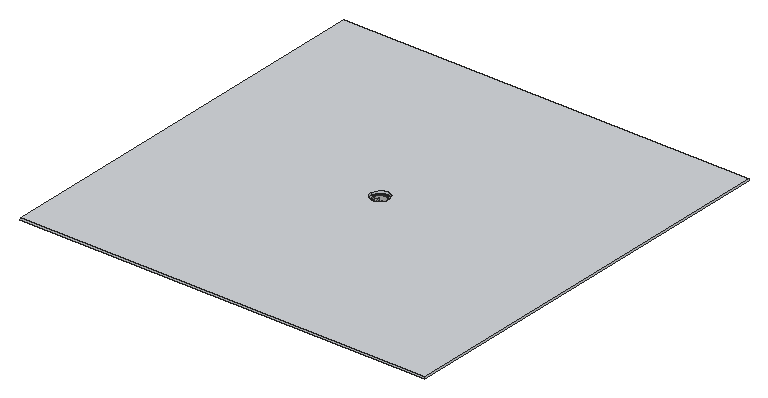
Revit family "F213", category Lighting Fixtures, host Face, Revit 2014
Parameters (values of type "F213_14W_Xicato_1100_lm_3000K")
  Wattage Comments = "14 ,18 & 24"  # constant formula
  Wattage = 14 W
  Warranty = "5Years limited warranty"
  built-in parameter 1150110 = 1 (stored number, unit not read)
  Voltage = 120 V
  URL = "https://www.hubbell.com/kurtversen/en"
  built-in parameter 1114217 = 1 (stored number, unit not read)
  Tilt Angle = -90.00°
  built-in parameter 1150109 = 1 (stored number, unit not read)
  built-in parameter 1150134 = 12
  built-in parameter 1150113 = 1 (stored number, unit not read)
  Product Page URL = "https://www.hubbell.com/kurtversen/en/Products/Lighting-Controls/Commercial-Indoor-Lighting/Recessed-Downlights/3-Round-Xicato-LED-Install-From-Below-Downlights/p/536118"
  Product Documentation Link = "https://hubbellcdn.com/specsheet/kv_f213_15_17_page.pdf"
  Power Factor = 0.9
  Photometric Web Link = "https://www.hubbell.com/kurtversen/en/Products/Lighting-Controls/Commercial-Indoor-Lighting/Recessed-Downlights/3-Round-Xicato-LED-Install-From-Below-Downlights/p/536118#prod-photometry-section"
  Photometric Web File = "F213_14W_Xicato_1100_lm_3000K.ies"
  Photometric Notes = "More IES files download on Photometric Web Link"  # constant formula
  Model = "F213"
  Manufacturer = "Kurtversen"  # constant formula
  built-in parameter 1150105 = 46.235 (stored number, unit not read)
  Lumens = 581 lm
  built-in parameter 1150115 = 1 (stored number, unit not read)
  Load Classification = Lighting
  built-in parameter 1150137 = (empty or 0)
  built-in parameter 1150139 = (empty or 0)
  built-in parameter 1150112 = 1 (stored number, unit not read)
  built-in parameter 1150114 = 1 (stored number, unit not read)
  Lamp = "LED"  # constant formula
  built-in parameter 1150132 = (empty or 0)
  built-in parameter 1150102 = (empty or 0)
  built-in parameter 1150107 = 4000 (stored number, unit not read)
  built-in parameter 1150138 = (empty or 0)
  built-in parameter 1150106 = 0.46235 (stored number, unit not read)
  Glass = Hubbell - White Glass
  Features = "• 3inch architectural LED adjustable accent delivering 600–2000 lm\r\n• Four field interchangeable beam distributions from 15° to 45°\r\n• Translating center beam optic allows 0–35° vertical tilt, 362°\r\nhorizontal rotation\r\n• Select from three lower trim styles: Full Cut Cone, Pinhole or Slot\r\n• Accommodates up to two lens media including hexcell louver\r\nand linear spread options\r\n• Variety of dimming protocol options including 0-10V, DALI, DMX,\r\nLutron Forward Phase and EcoSystem\r\n• NX Distributed Intelligence™ wired and wireless controls\r\ncapability available"  # constant formula
  Emit from Circle Diameter = 3.00"  # constant formula
  Emit Shape Visible in Rendering = no
  built-in parameter 1150104 = 3.8555 (stored number, unit not read)
  Dimming Lamp Color Temperature Shift = <None>
  Description = "Wide, Medium, Narrow Distribution Downlights. This round downlight with lens provides the aesthetic appeal of a small aperture while maintaining deep shielding and glare control. The beam distribution ranges from 28° to 50°. Use for general downlighting applications where installation from below is required."  # constant formula
  Default Elevation = 48.00"
  Contact us = "https://www.hubbell.com/kurtversen/en/contactUs"
  Color Filter = 16777215
  built-in parameter 1114218 = 1 (stored number, unit not read)
  Hardware Finish = Steel - Hubbell
  built-in parameter 1150133 = 10 (stored number, unit not read)
  Assembly Code = "D5020200"
  Apparent Load = 14 VA
Types (9): name | Photometric Web File | Model | Apparent Load
  F213_14W_Xicato_1100_lm_3000K | "F213_14W_Xicato_1100_lm_3000K.ies" | "F213" | 14 VA
  F213_18W_Xicato_1500_lm_3000K | "F213_18W_Xicato_1500_lm_3000K.ies" | "F213" | 18 VA
  F213_24W_Xicato_2100_lm_3000K | "F213_24W_Xicato_2100_lm_3000K.ies" | "F213" | 24 VA
  F215_14W_Xicato_1100_lm_3000K | "F215_14W_Xicato_1100_lm_3000K.ies" | "F215" | 14 VA
  F215_18W_Xicato_1500_lm_3000K | "F215_18W_Xicato_1500_lm_3000K.ies" | "F215" | 18 VA
  F215_24W_Xicato_2100_lm_3000K | "F215_24W_Xicato_2100_lm_3000K.ies" | "F215" | 24 VA
  F217_14W_Xicato_1100_lm_3000K | "F217_14W_Xicato_1100_lm_3000K.ies" | "F217" | 14 VA
  F217_18W_Xicato_1500_lm_3000K | "F217_18W_Xicato_1500_lm_3000K.ies" | "F217" | 18 VA
  F217_24W_Xicato_2100_lm_3000K | "F217_24W_Xicato_2100_lm_3000K.ies" | "F217" | 24 VA
Reference planes (in)
  plane 1 "Center (Front/Back)": y = 0.03999
  plane 2: z = 0
  plane 3 "Center (Left/Right)": x = -8.24832
  plane 4: x = -13.24832
  plane 5: x = 1.12668
  plane 6: y = 5.91499
  plane 7: y = -5.83501
  plane 8: z = -0.125
  plane 9: z = -3
  plane 10: z = -3.125
  plane 11: z = 0.375
  plane 12: x = -10.17454
  plane 13: x = -6.42646
  plane 14: x = -2.9049
  plane 15: x = -0.9049
  plane 16: y = 2.57276
  plane 17: y = -2.49278
  plane 18: y = 1.91499
  plane 19: y = -1.83501
  plane 20: z = -7.88386
  plane 21: z = 0
  plane 22: x = -10.87332
  plane 23: x = -10.24832
  plane 24: z = 0.125
  plane 25: through (-10.158, -180.00079, 2.38025) normal (0.9908, 0, -0.1351)
  plane 26: through (-9.9085, -180.00079, 2.34622) normal (0.9908, 0, -0.1351)
Forms (in)
  Extrusion 1, solid
    sketch origin (-7.24832, 0, -2.58562) x (1, 0, 0) y (0, 1, 0)
      loop
        line (-48, 48) -> (-48, -48) -> (48, -48) -> (48, 48) -> (-48, 48)
    from 2.96062 to 2.58562
  Extrusion 2, void
    sketch origin (0, 0, 0) x (1, 0, 0) y (0, 1, 0)
      loop
        circle (-8.24832, 0.03999) r 2.125
    from 0.4375 to -0.125
  Extrusion 3, solid, material "Hubbell - White Glass" <- "Glass"
    sketch origin (-16.83938, -180, -3.12268) x (-1, 0, 0) y (0, -1, 0)
      loop
        circle (-8.59106, -180.03999) r 1.5
    from 3 to 3.125
  Revolve 4, solid, material "Steel - Hubbell" <- "Hardware Finish"
    sketch origin (0, 0.03999, -0.4375) x (1, 0, 0) y (0, 0, 1)
      loop
        line (-9.74832, 0.375) -> (-9.74832, 0.4375) -> (-10.62332, 0.4375) -> (-10.62332, 0.375) -> (-10.24832, 0.375) -> (-9.74832, 0.375)
      axis (-8.24832, 0.4375) -> (-8.24832, 0.375)
    angle from 0 to 360
  Extrusion 5, solid, material "Steel - Hubbell" <- "Hardware Finish"
    sketch origin (-17.5848, -180, -1.65714) x (-0.939693, 0, 0.34202) y (0, -1, 0)
      loop
        arc (-8.70908, -181.77339) -> (-8.53597, -181.78005) -> (-8.36304, -181.76953) r 1.74754
        line (-8.36304, -181.76953) -> (-8.36304, -181.67723) -> (-8.49788, -181.67723) -> (-8.49788, -181.55918) -> (-8.59106, -181.55918) -> (-8.59106, -181.67723) -> (-8.70908, -181.67723) -> (-8.70908, -181.77339)
      loop
        arc (-9.17317, -181.68651) -> (-8.99815, -181.73827) -> (-8.81868, -181.77148) r 1.74639
        line (-8.81868, -181.77148) -> (-8.79431, -181.68053) -> (-8.9248, -181.64556) -> (-8.89425, -181.53153) -> (-8.98425, -181.50742) -> (-9.0148, -181.62145) -> (-9.14629, -181.58621) -> (-9.17317, -181.68651)
      loop
        arc (-9.67441, -181.40975) -> (-9.52553, -181.51533) -> (-9.36646, -181.6048) r 1.74639
        line (-9.36646, -181.6048) -> (-9.31398, -181.52662) -> (-9.42615, -181.45133) -> (-9.36036, -181.35331) -> (-9.43772, -181.30138) -> (-9.50351, -181.3994) -> (-9.61654, -181.32353) -> (-9.67441, -181.40975)
      loop
        arc (-9.99201, -181.08268) -> (-9.87554, -181.2232) -> (-9.74504, -181.35079) r 1.74639
        line (-9.74504, -181.35079) -> (-9.67411, -181.28885) -> (-9.76297, -181.1871) -> (-9.67405, -181.10945) -> (-9.73534, -181.03927) -> (-9.82426, -181.11692) -> (-9.9138, -181.01438) -> (-9.99201, -181.08268)
      loop
        arc (-10.24565, -180.59873) -> (-10.1783, -180.76836) -> (-10.09362, -180.93004) r 1.74639
        line (-10.09362, -180.93004) -> (-10.00702, -180.89305) -> (-10.06009, -180.76881) -> (-9.95153, -180.72244) -> (-9.98813, -180.63675) -> (-10.09669, -180.68313) -> (-10.15016, -180.55794) -> (-10.24565, -180.59873)
      loop
        arc (-10.33389, -180.15145) -> (-10.31274, -180.33273) -> (-10.27278, -180.51082) r 1.74639
        line (-10.27278, -180.51082) -> (-10.17956, -180.4975) -> (-10.19867, -180.36376) -> (-10.0818, -180.34707) -> (-10.09498, -180.25483) -> (-10.21184, -180.27153) -> (-10.23109, -180.13677) -> (-10.33389, -180.15145)
      loop
        line (-7.92357, -181.65379) -> (-7.95566, -181.55504) -> (-8.08512, -181.5971) -> (-8.1216, -181.48483) -> (-8.21021, -181.51362) -> (-8.17373, -181.62589) -> (-8.30222, -181.66764) -> (-8.27312, -181.7572)
        arc (-8.27312, -181.7572) -> (-8.09564, -181.71464) -> (-7.92357, -181.65379) r 1.74639
      loop
        line (-7.5077, -181.40975) -> (-7.56557, -181.32353) -> (-7.6786, -181.3994) -> (-7.74439, -181.30138) -> (-7.82176, -181.35331) -> (-7.75596, -181.45133) -> (-7.86813, -181.52662) -> (-7.81565, -181.6048)
        arc (-7.81565, -181.6048) -> (-7.65658, -181.51533) -> (-7.5077, -181.40975) r 1.74639
      loop
        line (-7.1901, -181.08268) -> (-7.26831, -181.01438) -> (-7.35785, -181.11692) -> (-7.44677, -181.03927) -> (-7.50806, -181.10945) -> (-7.41914, -181.1871) -> (-7.508, -181.28885) -> (-7.43707, -181.35079)
        arc (-7.43707, -181.35079) -> (-7.30657, -181.2232) -> (-7.1901, -181.08268) r 1.74639
      loop
        line (-6.93646, -180.59873) -> (-7.03195, -180.55794) -> (-7.08542, -180.68313) -> (-7.19398, -180.63675) -> (-7.23058, -180.72244) -> (-7.12202, -180.76881) -> (-7.17509, -180.89305) -> (-7.08849, -180.93004)
        arc (-7.08849, -180.93004) -> (-7.00381, -180.76836) -> (-6.93646, -180.59873) r 1.74639
      loop
        line (-6.84822, -180.15145) -> (-6.95102, -180.13677) -> (-6.97027, -180.27153) -> (-7.08713, -180.25483) -> (-7.10031, -180.34707) -> (-6.98344, -180.36376) -> (-7.00255, -180.4975) -> (-6.90933, -180.51082)
        arc (-6.90933, -180.51082) -> (-6.86937, -180.33273) -> (-6.84822, -180.15145) r 1.74639
      loop
        line (-8.70908, -178.30659) -> (-8.70908, -178.40275) -> (-8.59106, -178.40275) -> (-8.59106, -178.5208) -> (-8.49788, -178.5208) -> (-8.49788, -178.40275) -> (-8.36304, -178.40275) -> (-8.36304, -178.31045)
        arc (-8.36304, -178.31045) -> (-8.53597, -178.29993) -> (-8.70908, -178.30659) r 1.74754
      loop
        line (-9.17317, -178.39347) -> (-9.14629, -178.49377) -> (-9.0148, -178.45854) -> (-8.98425, -178.57257) -> (-8.89425, -178.54845) -> (-8.9248, -178.43442) -> (-8.79431, -178.39946) -> (-8.81868, -178.3085)
        arc (-8.81868, -178.3085) -> (-8.99815, -178.34171) -> (-9.17317, -178.39347) r 1.74639
      loop
        line (-9.67441, -178.67023) -> (-9.61654, -178.75645) -> (-9.50351, -178.68058) -> (-9.43772, -178.7786) -> (-9.36036, -178.72668) -> (-9.42615, -178.62866) -> (-9.31398, -178.55337) -> (-9.36646, -178.47518)
        arc (-9.36646, -178.47518) -> (-9.52553, -178.56465) -> (-9.67441, -178.67023) r 1.74639
      loop
        line (-9.99201, -178.9973) -> (-9.9138, -179.0656) -> (-9.82426, -178.96307) -> (-9.73534, -179.04072) -> (-9.67405, -178.97054) -> (-9.76297, -178.89288) -> (-9.67411, -178.79113) -> (-9.74504, -178.72919)
        arc (-9.74504, -178.72919) -> (-9.87554, -178.85678) -> (-9.99201, -178.9973) r 1.74639
      loop
        line (-10.24565, -179.48125) -> (-10.15016, -179.52204) -> (-10.09669, -179.39686) -> (-9.98813, -179.44323) -> (-9.95153, -179.35754) -> (-10.06009, -179.31117) -> (-10.00702, -179.18693) -> (-10.09362, -179.14994)
        arc (-10.09362, -179.14994) -> (-10.1783, -179.31162) -> (-10.24565, -179.48125) r 1.74639
      loop
        line (-10.33389, -179.92853) -> (-10.23109, -179.94321) -> (-10.21184, -179.80846) -> (-10.09498, -179.82515) -> (-10.0818, -179.73291) -> (-10.19867, -179.71622) -> (-10.17956, -179.58248) -> (-10.27278, -179.56916)
        arc (-10.27278, -179.56916) -> (-10.31274, -179.74725) -> (-10.33389, -179.92853) r 1.74639
      loop
        arc (-7.92357, -178.42619) -> (-8.09564, -178.36534) -> (-8.27312, -178.32278) r 1.74639
        line (-8.27312, -178.32278) -> (-8.30222, -178.41234) -> (-8.17373, -178.45409) -> (-8.21021, -178.56636) -> (-8.1216, -178.59516) -> (-8.08512, -178.48288) -> (-7.95566, -178.52495) -> (-7.92357, -178.42619)
      loop
        arc (-7.5077, -178.67023) -> (-7.65658, -178.56465) -> (-7.81565, -178.47518) r 1.74639
        line (-7.81565, -178.47518) -> (-7.86813, -178.55337) -> (-7.75596, -178.62866) -> (-7.82176, -178.72668) -> (-7.74439, -178.7786) -> (-7.6786, -178.68058) -> (-7.56557, -178.75645) -> (-7.5077, -178.67023)
      loop
        arc (-7.1901, -178.9973) -> (-7.30657, -178.85678) -> (-7.43707, -178.72919) r 1.74639
        line (-7.43707, -178.72919) -> (-7.508, -178.79113) -> (-7.41914, -178.89288) -> (-7.50806, -178.97054) -> (-7.44677, -179.04072) -> (-7.35785, -178.96307) -> (-7.26831, -179.0656) -> (-7.1901, -178.9973)
      loop
        arc (-6.93646, -179.48125) -> (-7.00381, -179.31162) -> (-7.08849, -179.14994) r 1.74639
        line (-7.08849, -179.14994) -> (-7.17509, -179.18693) -> (-7.12202, -179.31117) -> (-7.23058, -179.35754) -> (-7.19398, -179.44323) -> (-7.08542, -179.39686) -> (-7.03195, -179.52204) -> (-6.93646, -179.48125)
      loop
        arc (-6.84822, -179.92853) -> (-6.86937, -179.74725) -> (-6.90933, -179.56916) r 1.74639
        line (-6.90933, -179.56916) -> (-7.00255, -179.58248) -> (-6.98344, -179.71622) -> (-7.10031, -179.73291) -> (-7.08713, -179.82515) -> (-6.97027, -179.80846) -> (-6.95102, -179.94321) -> (-6.84822, -179.92853)
    from 1.04065 to -1.6925
  Extrusion 6, solid, material "Steel - Hubbell" <- "Hardware Finish"
    sketch origin (-17.5832, -180, -1.65743) x (-0.939693, 0, 0.34202) y (0, -1, 0)
      loop
        circle (-8.59106, -180.03999) r 1.51919
    from 1.03125 to -1.6925
  Revolve 7, solid, material "Steel - Hubbell" <- "Hardware Finish", detail levels medium+fine
    sketch origin (-0.70727, 0.0392, -4.50039) x (0.939693, 0, -0.34202) y (0.34202, 0, 0.939693)
      loop
        arc (-9.7115, -0.38109) -> (-9.30719, -1.24498) -> (-8.81175, -2.06003) r 8.79983
        line (-8.81175, -2.06003) -> (-8.74702, -2.06003)
        arc (-8.74702, -2.06003) -> (-9.26936, -1.19206) -> (-9.70018, -0.27521) r 9.89038
        line (-9.70018, -0.27521) -> (-9.73594, -0.29586) -> (-9.7115, -0.38109)
      axis (-8.24832, -0.27521) -> (-8.24832, -2.06003)
    angle from 0 to 360
  Extrusion 8, solid, material "Steel - Hubbell" <- "Hardware Finish"
    sketch origin (0.26548, 0.03999, -1.87657) x (0.996195, 0, -0.087156) y (0.087156, 0, 0.996195)
      loop
        line (-10.20021, -0.69311) -> (-10.20021, -0.63601) -> (-10.36038, -0.79618) -> (-10.73884, -2.20862) -> (-10.6938, -2.22069) -> (-10.31534, -0.80824) -> (-10.20021, -0.69311)
      loop
        line (-7.39463, -1.29773) -> (-7.34885, -1.62342) -> (-8.00781, -2.91669) -> (-7.96626, -2.93786) -> (-7.29323, -1.61696) -> (-7.34698, -1.2345) -> (-7.39463, -1.29773)
    from -0.32377 to 0.24006
  SweptBlend 9, solid, material "Steel - Hubbell" <- "Hardware Finish"
    path origin (-16.68263, 0.00722, 0.84049) x (-1, 0, 0) y (0, 0, 1)
      loop
        line (-8.39382, -0.90039) -> (-8.39382, -2.13006)
    profile origin (-8.28881, 0.00722, -0.05989) x (0, 1, 0) y (-1, 0, 0)
      loop
        circle (0, 0) r 2
    end profile origin (-8.28881, 0.00722, -1.28956) x (0, 1, 0) y (-1, 0, 0)
      loop
        circle (0, 0) r 1.56
  Extrusion 10, void
    sketch origin (0, 0, -0.4375) x (1, 0, 0) y (0, 1, 0)
      loop
        circle (-8.24832, 0.03999) r 1.5
    from -1.01806 to 0.87133
  Extrusion 11, solid, material "Steel - Hubbell" <- "Hardware Finish"
    sketch origin (0.84375, 0.03999, -0.59375) x (1, 0, 0) y (0, 0, 1)
      loop
        arc (-10.23047, -0.85206) -> (-10.13261, -0.81153) -> (-10.09207, -0.71367) r 0.13839
        line (-10.09207, -0.71367) -> (-10.09207, -0.3063)
        arc (-10.09207, -0.3063) -> (-10.14518, -0.1781) -> (-10.27337, -0.125) r 0.1813
        line (-10.27337, -0.125) -> (-10.6797, -0.125)
        arc (-10.6797, -0.125) -> (-10.76393, -0.15989) -> (-10.79882, -0.24412) r 0.11912
        line (-10.79882, -0.24412) -> (-10.79882, -0.74112)
        arc (-10.79882, -0.74112) -> (-10.76633, -0.81957) -> (-10.68788, -0.85206) r 0.11094
        line (-10.68788, -0.85206) -> (-10.23047, -0.85206)
    from -0.85306 to 0.63858
  Extrusion 12, solid, material "Steel - Hubbell" <- "Hardware Finish"
    sketch origin (-16.83938, -180, -3.125) x (-1, 0, 0) y (0, -1, 0)
      loop
        arc (-9.87859, -182.0357) -> (-10.27043, -181.71937) -> (-10.58677, -181.32753) r 2.375
        line (-10.58677, -181.32753) -> (-10.62292, -181.36368)
        arc (-10.62292, -181.36368) -> (-10.30579, -181.75473) -> (-9.91474, -182.07186) r 2.425
        line (-9.91474, -182.07186) -> (-9.87859, -182.0357)
      loop
        arc (-10.58677, -178.75245) -> (-10.27043, -178.36061) -> (-9.87859, -178.04428) r 2.375
        line (-9.87859, -178.04428) -> (-9.91474, -178.00813)
        arc (-9.91474, -178.00813) -> (-10.30579, -178.32526) -> (-10.62292, -178.7163) r 2.425
        line (-10.62292, -178.7163) -> (-10.58677, -178.75245)
      loop
        line (-7.30352, -182.0357) -> (-7.26737, -182.07186)
        arc (-7.26737, -182.07186) -> (-6.87632, -181.75473) -> (-6.55919, -181.36368) r 2.425
        line (-6.55919, -181.36368) -> (-6.59534, -181.32753)
        arc (-6.59534, -181.32753) -> (-6.91168, -181.71937) -> (-7.30352, -182.0357) r 2.375
      loop
        line (-6.59534, -178.75245) -> (-6.55919, -178.7163)
        arc (-6.55919, -178.7163) -> (-6.87632, -178.32526) -> (-7.26737, -178.00813) r 2.425
        line (-7.26737, -178.00813) -> (-7.30352, -178.04428)
        arc (-7.30352, -178.04428) -> (-6.91168, -178.36061) -> (-6.59534, -178.75245) r 2.375
    from 1.83544 to 3.125
  Extrusion 13, solid, material "Steel - Hubbell" <- "Hardware Finish"
    sketch origin (-16.83938, -180, -3.125) x (-1, 0, 0) y (0, -1, 0)
      loop
        circle (-8.59106, -180.03999) r 2.375
      loop
        circle (-8.59106, -180.03999) r 1.5
    from 1.8 to 1.83544
  Revolve 14, solid, material "Hubbell - White Glass" <- "Glass"
    sketch origin (-0.23285, 0.03999, 0.40777) x (0.996195, 0, 0.087156) y (-0.087156, 0, 0.996195)
      loop
        line (-8.52292, -1.81432) -> (-7.96301, -2.01812) -> (-7.92353, -1.92962) -> (-7.81749, -1.96821)
        arc (-7.81749, -1.96821) -> (-7.75719, -1.96665) -> (-7.71415, -1.92439) r 0.08233
        line (-7.71415, -1.92439) -> (-7.64355, -1.76614) -> (-7.1737, -1.93715) -> (-7.13376, -1.82741) -> (-8.33389, -1.3906) -> (-8.52292, -1.81432)
      axis (-8.2972, -1.30836) -> (-8.52292, -1.81432)
    angle from 0 to 360
  Extrusion 15, solid, material "Hubbell - White Glass" <- "Glass"
    sketch origin (0, 0.03999, 0) x (1, 0, 0) y (0, 0, 1)
      loop
        line (-8.9538, -1.325) -> (-8.9538, -1.42224) -> (-7.94471, -1.42224) -> (-7.65505, -1.62506) -> (-7.36951, -1.825) -> (-6.42646, -1.825) -> (-6.42646, -1.325) -> (-8.9538, -1.325)
    from -1.26139 to 1.28354
Cuts and joins
  Extrusion 10 cuts SweptBlend 9
  Extrusion 10 cuts Revolve 4
Lines and regions (in)
  symbolic lines
    curve 1: line (-13.24832, 5.91499, -3.125) -> (1.12668, 5.91499, -3.125)
    curve 2: line (-13.24832, -5.83501, -3.125) -> (-13.24832, 5.91499, -3.125)
    curve 3: line (1.12668, -5.83501, -3.125) -> (-13.24832, -5.83501, -3.125)
    curve 4: line (1.12668, 5.91499, -3.125) -> (1.12668, -5.83501, -3.125)
    curve 5: circle (-8.24832, 0.03999, -3.125) r 2.625 normal (0, 0, 1)
    curve 6: circle (-8.24832, 0.03999, -3.125) r 2 normal (0, 0, 1)
Dimensions and locks (in)
  equal spacing: plane 7, plane 1 "Center (Front/Back)", plane 6, locked at 5.875 each
  locked: plane 6 to plane 7 at 11.75
  locked: plane 4 to plane 5 at 14.375
  locked: plane 4 to plane 3 "Center (Left/Right)" at 5
  locked: Extrusion 1 to plane 8 at 0.5
  locked: plane 11 to plane 2 at 0.375
  locked: plane 2 to plane 8 at 0.125
  locked: plane 14 to plane 15 at 2
  equal spacing: plane 16, plane 1 "Center (Front/Back)", plane 17, locked at 2.53277 each
  locked: plane 9 to plane 10 at 0.125
  locked: plane 11 to plane 10 at 3.5
  equal spacing: plane 18, plane 1 "Center (Front/Back)", plane 19, locked at 1.875 each
  plane 13 to plane 12 = 3.74808"
  plane 2 to plane 20 = 7.88386"
  aligned and locked: Extrusion 1 to plane 2
  aligned and locked: Extrusion 2 to plane 8
  aligned and locked: Revolve 4 sketch curve to plane 21
Automatic sketch dimensions
  Extrusion 1 sketch curve to Extrusion 1 sketch curve = 96.00"  (x2)
  plane 1 "Center (Front/Back)" to Extrusion 2 sketch curve = 0.00"
  Extrusion 2 sketch curve to plane 3 "Center (Left/Right)" = 0.00"
  curve 5 to curve 6 = 0.00"  (x2)
  plane 1 "Center (Front/Back)" to curve 6 = 0.00"
  curve 6 to plane 3 "Center (Left/Right)" = 0.00"
  plane 1 "Center (Front/Back)" to Extrusion 3 sketch curve = 0.00"
  Extrusion 3 sketch curve to plane 3 "Center (Left/Right)" = 0.00"
  Revolve 4 sketch curve to plane 23 = 0.00"
  Revolve 4 sketch curve to plane 3 "Center (Left/Right)" = 0.00"
  plane 22 to Revolve 4 sketch curve = 0.25"
  Revolve 4 sketch curve to level = 0.0625"
  plane 12 to Revolve 4 sketch curve = 0.42621"
  plane 9 to Revolve 4 sketch curve = 0.15442"
  plane 11 to Revolve 4 sketch curve = 1.85402"
  Extrusion 5 sketch curve to Extrusion 5 sketch curve = 0.00"  (x384)
  plane 1 "Center (Front/Back)" to Extrusion 5 sketch curve = 0.00"
  Extrusion 5 sketch curve to plane 1 "Center (Front/Back)" = 0.11146"
  plane 1 "Center (Front/Back)" to Extrusion 5 sketch curve = 0.11146"
  Extrusion 5 sketch curve to plane 1 "Center (Front/Back)" = 0.47083"  (x2)
  Extrusion 5 sketch curve to Extrusion 5 sketch curve = 0.0611"
  plane 1 "Center (Front/Back)" to Extrusion 5 sketch curve = 0.47083"  (x2)
  Extrusion 5 sketch curve to plane 1 "Center (Front/Back)" = 0.55874"
  Extrusion 5 sketch curve to Extrusion 5 sketch curve = 0.02713"  (x2)
  plane 1 "Center (Front/Back)" to Extrusion 5 sketch curve = 0.55874"
  Extrusion 5 sketch curve to plane 1 "Center (Front/Back)" = 0.09678"  (x2)
  Extrusion 5 sketch curve to Extrusion 5 sketch curve = 0.10279"  (x2)
  plane 1 "Center (Front/Back)" to Extrusion 5 sketch curve = 0.09678"  (x2)
  Extrusion 5 sketch curve to plane 1 "Center (Front/Back)" = 0.23153"  (x2)
  plane 1 "Center (Front/Back)" to Extrusion 5 sketch curve = 0.23153"  (x2)
  Extrusion 5 sketch curve to plane 1 "Center (Front/Back)" = 0.32377"
  Extrusion 5 sketch curve to Extrusion 5 sketch curve = 0.01318"  (x4)
  plane 1 "Center (Front/Back)" to Extrusion 5 sketch curve = 0.32377"
  Extrusion 5 sketch curve to plane 1 "Center (Front/Back)" = 0.51795"  (x2)
  Extrusion 5 sketch curve to Extrusion 5 sketch curve = 0.0294"  (x4)
  plane 1 "Center (Front/Back)" to Extrusion 5 sketch curve = 0.51795"  (x2)
  plane 1 "Center (Front/Back)" to Extrusion 5 sketch curve = 0.64314"  (x2)
  Extrusion 5 sketch curve to plane 1 "Center (Front/Back)" = 0.64314"  (x2)
  Extrusion 5 sketch curve to plane 1 "Center (Front/Back)" = 0.21484"  (x2)
  plane 1 "Center (Front/Back)" to Extrusion 5 sketch curve = 0.21484"  (x2)
  plane 1 "Center (Front/Back)" to Extrusion 5 sketch curve = 0.89005"  (x2)
  Extrusion 5 sketch curve to plane 1 "Center (Front/Back)" = 0.89005"  (x2)
  plane 1 "Center (Front/Back)" to Extrusion 5 sketch curve = 0.72882"
  Extrusion 5 sketch curve to Extrusion 5 sketch curve = 0.0366"  (x4)
  Extrusion 5 sketch curve to plane 1 "Center (Front/Back)" = 0.72882"
  Extrusion 5 sketch curve to plane 18 = 0.83231"
  Extrusion 5 sketch curve to Extrusion 5 sketch curve = 0.10161"  (x2)
  Extrusion 5 sketch curve to plane 19 = 0.83231"
  Extrusion 5 sketch curve to plane 1 "Center (Front/Back)" = 0.59676"  (x2)
  plane 1 "Center (Front/Back)" to Extrusion 5 sketch curve = 0.59676"  (x2)
  Extrusion 5 sketch curve to plane 18 = 0.90061"  (x2)
  Extrusion 5 sketch curve to Extrusion 5 sketch curve = 0.07821"  (x2)
  Extrusion 5 sketch curve to plane 19 = 0.90061"  (x2)
  Extrusion 5 sketch curve to plane 18 = 0.79807"  (x2)
  Extrusion 5 sketch curve to plane 19 = 0.79807"  (x2)
  Extrusion 5 sketch curve to plane 19 = 0.72789"
  Extrusion 5 sketch curve to Extrusion 5 sketch curve = 0.06129"  (x4)
  Extrusion 5 sketch curve to plane 18 = 0.72789"
  Extrusion 5 sketch curve to plane 18 = 0.5642"  (x2)
  Extrusion 5 sketch curve to plane 19 = 0.5642"  (x2)
  Extrusion 5 sketch curve to plane 18 = 0.87573"  (x2)
  Extrusion 5 sketch curve to plane 19 = 0.87573"  (x2)
  Extrusion 5 sketch curve to plane 19 = 0.50524"
  Extrusion 5 sketch curve to Extrusion 5 sketch curve = 0.07063"  (x2)
  Extrusion 5 sketch curve to plane 18 = 0.50524"
  Extrusion 5 sketch curve to plane 19 = 0.59146"  (x2)
  Extrusion 5 sketch curve to Extrusion 5 sketch curve = 0.05757"  (x4)
  Extrusion 5 sketch curve to plane 18 = 0.59146"  (x2)
  Extrusion 5 sketch curve to plane 19 = 0.51559"  (x2)
  Extrusion 5 sketch curve to plane 18 = 0.51559"  (x2)
  Extrusion 5 sketch curve to plane 19 = 0.61361"  (x2)
  Extrusion 5 sketch curve to plane 18 = 0.61361"  (x2)
  Extrusion 5 sketch curve to plane 19 = 0.46367"
  Extrusion 5 sketch curve to Extrusion 5 sketch curve = 0.07736"  (x2)
  Extrusion 5 sketch curve to plane 18 = 0.46367"
  Extrusion 5 sketch curve to plane 18 = 0.31019"  (x2)
  Extrusion 5 sketch curve to plane 19 = 0.31019"  (x2)
  Extrusion 5 sketch curve to plane 19 = 0.22848"
  Extrusion 5 sketch curve to Extrusion 5 sketch curve = 0.19329"  (x2)
  Extrusion 5 sketch curve to plane 18 = 0.22848"
  Extrusion 5 sketch curve to plane 19 = 0.32878"
  Extrusion 5 sketch curve to Extrusion 5 sketch curve = 0.02687"  (x2)
  Extrusion 5 sketch curve to plane 18 = 0.32878"
  Extrusion 5 sketch curve to plane 18 = 0.29355"
  Extrusion 5 sketch curve to plane 19 = 0.29355"
  Extrusion 5 sketch curve to plane 18 = 0.40757"
  Extrusion 5 sketch curve to plane 19 = 0.40757"
  Extrusion 5 sketch curve to plane 18 = 0.26943"
  Extrusion 5 sketch curve to Extrusion 5 sketch curve = 0.09"  (x2)
  Extrusion 5 sketch curve to plane 19 = 0.26943"
  Extrusion 5 sketch curve to plane 18 = 0.14351"
  Extrusion 5 sketch curve to plane 19 = 0.14351"
  Extrusion 5 sketch curve to Extrusion 5 sketch curve = 0.08523"  (x2)
  Extrusion 5 sketch curve to Extrusion 5 sketch curve = 0.11803"  (x2)
  plane 1 "Center (Front/Back)" to Extrusion 5 sketch curve = 0.00737"
  Extrusion 5 sketch curve to Extrusion 5 sketch curve = 0.03559"
  Extrusion 5 sketch curve to plane 1 "Center (Front/Back)" = 0.00737"
  Extrusion 5 sketch curve to Extrusion 5 sketch curve = 0.09318"  (x2)
  Extrusion 5 sketch curve to Extrusion 5 sketch curve = 0.13484"  (x2)
  Extrusion 5 sketch curve to plane 19 = 0.24735"
  Extrusion 5 sketch curve to Extrusion 5 sketch curve = 0.06082"  (x2)
  Extrusion 5 sketch curve to plane 18 = 0.24735"
  Extrusion 5 sketch curve to plane 19 = 0.15779"
  Extrusion 5 sketch curve to Extrusion 5 sketch curve = 0.08992"  (x2)
  Extrusion 5 sketch curve to plane 18 = 0.15779"
  Extrusion 5 sketch curve to plane 18 = 0.40137"
  Extrusion 5 sketch curve to Extrusion 5 sketch curve = 0.092"  (x2)
  Extrusion 5 sketch curve to plane 19 = 0.40137"
  Extrusion 5 sketch curve to plane 18 = 0.43016"
  Extrusion 5 sketch curve to plane 19 = 0.43016"
  Extrusion 5 sketch curve to plane 19 = 0.31789"
  Extrusion 5 sketch curve to plane 18 = 0.31789"
  Extrusion 5 sketch curve to plane 18 = 0.35996"
  Extrusion 5 sketch curve to plane 19 = 0.35996"
  Extrusion 5 sketch curve to plane 18 = 0.38838"
  Extrusion 5 sketch curve to Extrusion 5 sketch curve = 0.08752"  (x2)
  Extrusion 5 sketch curve to plane 19 = 0.38838"
  Extrusion 5 sketch curve to plane 19 = 0.56168"
  Extrusion 5 sketch curve to Extrusion 5 sketch curve = 0.04638"  (x2)
  Extrusion 5 sketch curve to plane 18 = 0.56168"
  Extrusion 5 sketch curve to Extrusion 5 sketch curve = 0.05248"  (x2)
  Extrusion 5 sketch curve to plane 19 = 0.80554"
  Extrusion 5 sketch curve to Extrusion 5 sketch curve = 0.05752"  (x2)
  Extrusion 5 sketch curve to plane 18 = 0.80554"
  Extrusion 5 sketch curve to plane 19 = 0.62614"
  Extrusion 5 sketch curve to plane 18 = 0.62614"
  Extrusion 5 sketch curve to plane 1 "Center (Front/Back)" = 0.68245"
  Extrusion 5 sketch curve to Extrusion 5 sketch curve = 0.03773"  (x2)
  plane 1 "Center (Front/Back)" to Extrusion 5 sketch curve = 0.68245"
  Extrusion 5 sketch curve to plane 1 "Center (Front/Back)" = 0.85306"
  Extrusion 5 sketch curve to Extrusion 5 sketch curve = 0.09322"  (x2)
  plane 1 "Center (Front/Back)" to Extrusion 5 sketch curve = 0.85306"
  Extrusion 5 sketch curve to plane 1 "Center (Front/Back)" = 0.30708"
  Extrusion 5 sketch curve to Extrusion 5 sketch curve = 0.09367"  (x2)
  plane 1 "Center (Front/Back)" to Extrusion 5 sketch curve = 0.30708"
  Extrusion 5 sketch curve to plane 1 "Center (Front/Back)" = 0.45751"
  plane 1 "Center (Front/Back)" to Extrusion 5 sketch curve = 0.45751"
  Extrusion 5 sketch curve to Extrusion 5 sketch curve = 0.00191"
  Extrusion 5 sketch curve to Extrusion 5 sketch curve = 0.09616"
  Extrusion 5 sketch curve to Extrusion 5 sketch curve = 0.11805"  (x2)
  Extrusion 5 sketch curve to Extrusion 5 sketch curve = 0.12134"
  Extrusion 5 sketch curve to Extrusion 5 sketch curve = 0.01233"
  plane 1 "Center (Front/Back)" to Extrusion 6 sketch curve = 0.00"
  Extrusion 8 sketch curve to plane 12 = 0.45045"
  Extrusion 8 sketch curve to plane 9 = 0.14084"
  Extrusion 8 sketch curve to Extrusion 8 sketch curve = 0.04504"  (x2)
  Extrusion 8 sketch curve to Extrusion 8 sketch curve = 0.37846"
  Extrusion 8 sketch curve to Extrusion 8 sketch curve = 0.11513"  (x2)
  Extrusion 8 sketch curve to Extrusion 8 sketch curve = 2.68599"
  Extrusion 8 sketch curve to Extrusion 8 sketch curve = 0.04154"
  Extrusion 8 sketch curve to Extrusion 8 sketch curve = 0.61318"
  Extrusion 8 sketch curve to Extrusion 8 sketch curve = 0.04577"
  Extrusion 8 sketch curve to Extrusion 8 sketch curve = 0.04765"
  Extrusion 8 sketch curve to Extrusion 8 sketch curve = 0.05562"
  Extrusion 8 sketch curve to Extrusion 8 sketch curve = 0.01207"
  Extrusion 8 sketch curve to Extrusion 8 sketch curve = 0.69601"
  Extrusion 8 sketch curve to Extrusion 8 sketch curve = 0.02117"
  Extrusion 8 sketch curve to Extrusion 8 sketch curve = 0.32569"
  Extrusion 8 sketch curve to Extrusion 8 sketch curve = 0.06323"
  Extrusion 8 sketch curve to Extrusion 8 sketch curve = 0.05711"
  SweptBlend 9 sketch curve to profile plane = 0.00"  (x2)
  profile plane to SweptBlend 9 sketch curve = 0.00"  (x2)
  Extrusion 10 sketch curve to Extrusion 10 sketch curve = 0.00"  (x2)
  plane 1 "Center (Front/Back)" to Extrusion 10 sketch curve = 0.00"
  Extrusion 10 sketch curve to plane 3 "Center (Left/Right)" = 0.00"
  plane 12 to Extrusion 10 sketch curve = 0.42621"
  plane 12 to Extrusion 11 sketch curve = 0.21946"
  Extrusion 11 sketch curve to Extrusion 11 sketch curve = 0.11094"
  Extrusion 11 sketch curve to Extrusion 11 sketch curve = 0.11912"
  plane 12 to Extrusion 11 sketch curve = 0.74491"
  plane 12 to Extrusion 11 sketch curve = 0.78782"
  Extrusion 11 sketch curve to Extrusion 11 sketch curve = 0.13839"
  Extrusion 11 sketch curve to plane 8 = 1.32081"
  Extrusion 11 sketch curve to Extrusion 11 sketch curve = 0.40737"
  curve 1 to plane 5 = 0.00"
  curve 2 to plane 4 = 0.00"
  curve 1 to plane 6 = 0.00"
  plane 7 to curve 4 = 0.00"
  Extrusion 12 sketch curve to Extrusion 12 sketch curve = 0.00"  (x56)
  plane 1 "Center (Front/Back)" to Extrusion 12 sketch curve = 0.00"
  Extrusion 12 sketch curve to plane 3 "Center (Left/Right)" = 0.00"
  plane 19 to Extrusion 12 sketch curve = 0.12071"  (x2)
  Extrusion 12 sketch curve to plane 13 = 0.53433"  (x2)
  plane 18 to Extrusion 12 sketch curve = 0.12071"  (x2)
  plane 18 to Extrusion 12 sketch curve = 0.15686"  (x2)
  Extrusion 12 sketch curve to Extrusion 12 sketch curve = 0.03615"  (x8)
  plane 19 to Extrusion 12 sketch curve = 0.15686"  (x2)
  plane 13 to Extrusion 12 sketch curve = 0.17385"  (x2)
  plane 12 to Extrusion 12 sketch curve = 0.63867"  (x2)
  Extrusion 12 sketch curve to plane 12 = 0.0695"  (x2)
  Extrusion 13 sketch curve to Extrusion 13 sketch curve = 0.00"  (x2)
  plane 1 "Center (Front/Back)" to Extrusion 13 sketch curve = 0.00"
  Extrusion 13 sketch curve to plane 3 "Center (Left/Right)" = 0.00"
  plane 13 to Extrusion 13 sketch curve = 0.55313"
  SweptBlend 9 sketch curve to plane 3 "Center (Left/Right)" = 0.04049"
  SweptBlend 9 sketch curve to plane 8 = 1.16456"
  SweptBlend 9 sketch curve to level = 0.05989"
  Revolve 14 sketch curve to plane 3 "Center (Left/Right)" = 0.31689"
  plane 9 to Revolve 14 sketch curve = 0.85753"
  Revolve 14 sketch curve to Revolve 14 sketch curve = 0.18904"
  Revolve 14 sketch curve to Revolve 14 sketch curve = 0.55991"
  Revolve 14 sketch curve to Revolve 14 sketch curve = 0.03948"
  Revolve 14 sketch curve to Revolve 14 sketch curve = 0.10604"
  Revolve 14 sketch curve to Revolve 14 sketch curve = 0.02816"
  Revolve 14 sketch curve to Revolve 14 sketch curve = 0.07519"
  Revolve 14 sketch curve to Revolve 14 sketch curve = 0.0706"
  Revolve 14 sketch curve to Revolve 14 sketch curve = 0.46985"
  Revolve 14 sketch curve to Revolve 14 sketch curve = 0.03994"
  Revolve 14 sketch curve to Revolve 14 sketch curve = 0.01309"
  Revolve 14 sketch curve to Revolve 14 sketch curve = 0.06344"
  Revolve 14 sketch curve to Revolve 14 sketch curve = 0.03354"
  Revolve 14 sketch curve to Revolve 14 sketch curve = 0.0386"
  Revolve 14 sketch curve to Revolve 14 sketch curve = 0.10974"
  Revolve 14 sketch curve to Revolve 14 sketch curve = 0.0885"
  Revolve 14 sketch curve to Revolve 14 sketch curve = 0.13458"
  Revolve 14 sketch curve to Revolve 14 sketch curve = 0.00"  (x2)
  Revolve 14 sketch curve to Revolve 14 sketch curve = 0.30167"
  Extrusion 15 sketch curve to plane 13 = 0.00"
  plane 3 "Center (Left/Right)" to Extrusion 15 sketch curve = 0.87882"
  Extrusion 15 sketch curve to Extrusion 15 sketch curve = 0.28554"
  plane 3 "Center (Left/Right)" to Extrusion 15 sketch curve = 0.30362"
  plane 9 to Extrusion 15 sketch curve = 1.175"
  Extrusion 15 sketch curve to Extrusion 15 sketch curve = 0.19994"
  Extrusion 15 sketch curve to Extrusion 15 sketch curve = 0.20282"
  Extrusion 15 sketch curve to plane 3 "Center (Left/Right)" = 0.70547"
  Extrusion 15 sketch curve to Extrusion 15 sketch curve = 0.09724"
  plane 12 to Revolve 7 sketch curve = 0.21728"
  plane 26 to Revolve 7 sketch curve = 0.46455"
  Revolve 7 sketch curve to Revolve 7 sketch curve = 0.02444"
  Revolve 7 sketch curve to Revolve 7 sketch curve = 0.03576"
  Revolve 7 sketch curve to Revolve 7 sketch curve = 1.00582"
  Revolve 7 sketch curve to Revolve 7 sketch curve = 0.08523"
  Revolve 7 sketch curve to Revolve 7 sketch curve = 0.02065"
  Revolve 7 sketch curve to Revolve 7 sketch curve = 3.18685"
  Revolve 7 sketch curve to Revolve 7 sketch curve = 0.55538"
  Revolve 7 sketch curve to Revolve 7 sketch curve = 0.89975"
  Revolve 7 sketch curve to Revolve 7 sketch curve = 0.06473"
  Revolve 7 sketch curve to Revolve 7 sketch curve = 0.49869"
  Revolve 7 sketch curve to Revolve 7 sketch curve = 2.44002"
  Revolve 7 sketch curve to Revolve 7 sketch curve = 2.65017"
  radius of Extrusion 2 sketch curve = 2.125"
  radius of curve 5 = 2.625"
  radius of curve 6 = 2.00"
  radius of Extrusion 3 sketch curve = 1.50"
  radius of Extrusion 6 sketch curve = 1.51919"
  radius of SweptBlend 9 sketch curve = 2.00"
  radius of SweptBlend 9 sketch curve = 1.56"
  radius of Extrusion 13 sketch curve = 1.50"
Connectors (in)
  electrical at (-8.24832, 0.03999, 0), driven by "Apparent Load"
    settings: on cut or joined group of Revolve 4, Extrusion 10, index 1, voltage 120 V, apparent load 14 VA, apparent load phase1 0 VA, apparent load phase2 0 VA, apparent load phase3 0 VA, power factor 0.9, load classification "Other", number of poles 1, system type 30, power factor state 1, is connector primary yes, connector utility no, sub classification motor no, connector description "Lighting COnnector"
